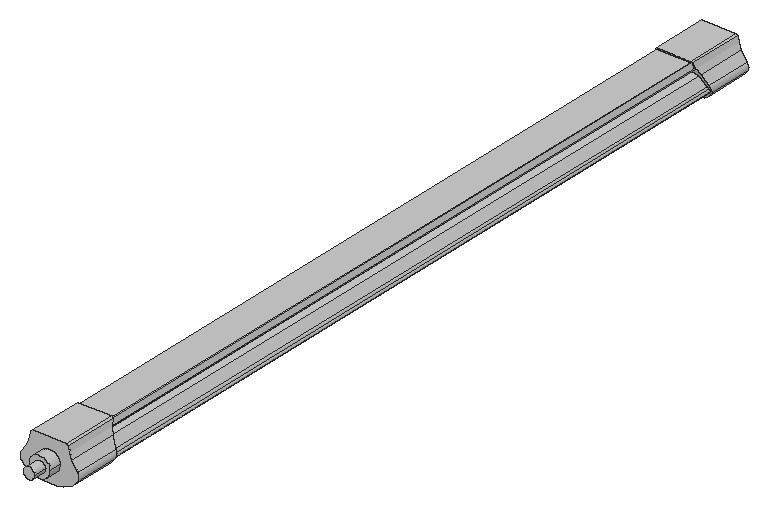
Revit family "NNFC4034188", category 照明器具, Revit 2018
Family settings
  丸型コネクタ寸法 = 直径を使用
  パーツ タイプ = 標準
  OmniClass 番号 = 23.80.70.00
  OmniClass タイトル = Lighting
  作業面ベース = はい
  常に垂直 = いいえ
  ロード時にボイドで切り取り = いいえ
  光源 = はい
  共有 = いいえ
  部屋計算ポイント = いいえ
Parameters (values of type "NNFC4034188")
  built-in parameter 1150110 = 1 (stored number, unit not read)
  長方形の長さに沿って放射 = 80 mm
  長方形の幅に沿って放射 = 1090 mm
  built-in parameter 1150133 = 10 (stored number, unit not read)
  Dimming Lamp Color Temperature Shift = (empty or 0)
  説明 = "NNFC4034188"
  製造元 = "Panasonic Corp."
  built-in parameter 1150104 = 13.8 (stored number, unit not read)
  built-in parameter 1150115 = 1 (stored number, unit not read)
  built-in parameter 1150137 = 1
  built-in parameter 1150106 = 14.036 (stored number, unit not read)
  built-in parameter 1150134 = 12
  built-in parameter 1150109 = 1 (stored number, unit not read)
  Default Elevation = 0 mm
  built-in parameter 1114218 = 1 (stored number, unit not read)
  built-in parameter 1114217 = 1 (stored number, unit not read)
  built-in parameter 1150102 = (empty or 0)
  built-in parameter 1150107 = 4000 (stored number, unit not read)
  built-in parameter 1150138 = (empty or 0)
  built-in parameter 1150132 = 2
  Lumens = 4500 lm
  built-in parameter 1150105 = 1403.6 (stored number, unit not read)
  Tilt Angle = 90.00°
  built-in parameter 1150139 = (empty or 0)
  Cost = 63000
  Wattage = 30.2945 W
  Emit Shape Visible in Rendering = no
  built-in parameter 1150112 = 1 (stored number, unit not read)
  built-in parameter 1150114 = 1 (stored number, unit not read)
  Lamp = ""
  モデル = "LED Splash Proof Ex Series 2G 4FT"
  フォトメトリック Web ファイル = "NNFC4034188.ies"
  タイプの説明 = "Splash Proof"
  Type Image = (empty or 0)
  built-in parameter 1150113 = 1 (stored number, unit not read)
  Color Filter = 16777215
  Voltage = 230 V
  Width = 0 mm
  URL = "https://panasonic.net/electricworks/lighting/"
  Light Source = PC
  Height = 0 mm
  Length = 0 mm
  Body = PC(White)
Reference planes
  plane 1 "Light Source Axis (F/B)": y = 0
  plane 2: z = 0
  plane 3 "Light Source Axis (L/R)": x = 0
  plane 4 "Light Source Elevation": z = 0
  plane 5: y = -642.95
Forms (mm)
  Extrusion 1, solid, material "PC(White)" <- "Body"
    sketch origin (0, 0, 0) x (1, 0, 0) y (0, 0, 1)
      loop
        line (-25.218, 0) -> (-27.214, -1.907)
        arc (-27.214, -1.907) -> (-28.908, -10.625) -> (-32.373, -18.803) r 42.597
        arc (-32.373, -18.803) -> (-36.385, -25.645) -> (-40.735, -32.276) r 157.997
        arc (-40.735, -32.276) -> (-42.634, -38.352) -> (-40.735, -44.427) r 10.672
        arc (-40.735, -44.427) -> (-35.839, -49.798) -> (-29.7, -53.687) r 27.299
        arc (-29.7, -53.687) -> (-15.201, -58.496) -> (0, -60) r 69.051
        arc (0, -60) -> (15.201, -58.496) -> (29.7, -53.687) r 69.051
        arc (29.7, -53.687) -> (35.839, -49.798) -> (40.735, -44.427) r 27.299
        arc (40.735, -44.427) -> (42.634, -38.352) -> (40.735, -32.276) r 10.672
        arc (40.735, -32.276) -> (36.385, -25.645) -> (32.373, -18.803) r 157.997
        arc (32.373, -18.803) -> (28.908, -10.625) -> (27.214, -1.907) r 42.597
        line (27.214, -1.907) -> (25.218, 0) -> (-25.218, 0)
    from -606 to 606
  Extrusion 2, void
    sketch origin (0, 0, 0) x (0, 1, 0) y (0, 0, 1)
      loop
        line (522.06, 5) -> (-522.06, 5)
        arc (-522.06, 5) -> (-536.079, -29.434) -> (-546.912, -65) r 408.841
        line (-546.912, -65) -> (546.912, -65)
        arc (546.912, -65) -> (536.079, -29.434) -> (522.06, 5) r 408.841
    from -50 to 50
  Extrusion 3, solid, material "PC" <- "Light Source"
    sketch origin (0, 0, 0) x (1, 0, 0) y (0, 0, 1)
      loop
        arc (-40.06, -37.258) -> (-39.908, -40.26) -> (-38.68, -43.004) r 8.172
        arc (-38.68, -43.004) -> (-34.232, -47.883) -> (-28.655, -51.416) r 24.799
        arc (-28.655, -51.416) -> (-14.666, -56.054) -> (0, -57.5) r 66.551
        arc (0, -57.5) -> (14.666, -56.054) -> (28.655, -51.416) r 66.551
        arc (28.655, -51.416) -> (34.232, -47.883) -> (38.68, -43.004) r 24.799
        arc (38.68, -43.004) -> (39.908, -40.26) -> (40.06, -37.258) r 8.172
        line (40.06, -37.258) -> (-40.06, -37.258)
    from -606 to 606
  Extrusion 4, solid, material "PC(White)" <- "Body"
    sketch origin (0, 0, 0) x (1, 0, 0) y (0, 0, 1)
      loop
        arc (40.06, -37.258) -> (39.581, -35.397) -> (38.68, -33.7) r 8.172
        arc (38.68, -33.7) -> (34.371, -27.139) -> (30.387, -20.375) r 160.497
        line (30.387, -20.375) -> (22.143, -16.613) -> (22.143, -12.613) -> (25.153, -12.613)
        arc (25.153, -12.613) -> (26.384, -12.103) -> (26.894, -10.872) r 1.741
        arc (26.894, -10.872) -> (25.91, -6.892) -> (25.295, -2.839) r 44.597
        line (25.295, -2.839) -> (24.416, -2) -> (-24.416, -2) -> (-25.295, -2.839)
        arc (-25.295, -2.839) -> (-25.91, -6.892) -> (-26.894, -10.872) r 44.597
        arc (-26.894, -10.872) -> (-26.384, -12.103) -> (-25.153, -12.613) r 1.741
        line (-25.153, -12.613) -> (-22.143, -12.613) -> (-22.143, -16.613) -> (-30.387, -20.375)
        arc (-30.387, -20.375) -> (-34.371, -27.139) -> (-38.68, -33.7) r 160.497
        arc (-38.68, -33.7) -> (-39.581, -35.397) -> (-40.06, -37.258) r 8.172
        line (-40.06, -37.258) -> (40.06, -37.258)
    from -606 to 606
  Extrusion 5, void
    sketch origin (0, 0, 0) x (0, 1, 0) y (0, 0, 1)
      loop
        line (606, 5) -> (522.06, 5)
        arc (522.06, 5) -> (536.079, -29.434) -> (546.912, -65) r 408.841
        line (546.912, -65) -> (606, -65) -> (606, 5)
      loop
        line (-606, 5) -> (-606, -65) -> (-546.912, -65)
        arc (-546.912, -65) -> (-536.079, -29.434) -> (-522.06, 5) r 408.841
        line (-522.06, 5) -> (-606, 5)
    from -50 to 50
  Extrusion 6, solid, material "PC(White)" <- "Body"
    sketch origin (0, 0, -4) x (1, 0, 0) y (0, 0, 1)
      loop
        circle (0, -27) r 15
    from 606 to 624
  Extrusion 7, solid, material "PC(White)" <- "Body"
    sketch origin (0, 0, -4) x (1, 0, 0) y (0, 0, 1)
      loop
        circle (0, -27) r 8
    from 624 to 642.95
Cuts and joins
  Extrusion 2 cuts Extrusion 1
  Extrusion 5 cuts Extrusion 3
  Extrusion 5 cuts Extrusion 4
Dimensions and locks
  aligned and locked: level to plane 2
Connectors
  electrical at (0, -642.95, -31)
    settings: on plane 5, index 1, voltage 0 V, apparent load 0 VA, apparent load phase1 0 VA, apparent load phase2 0 VA, apparent load phase3 0 VA, power factor 1, load classification "Other", number of poles 1, system type 30, power factor state 1, is connector primary yes, connector utility no, sub classification motor no, connector description ""
